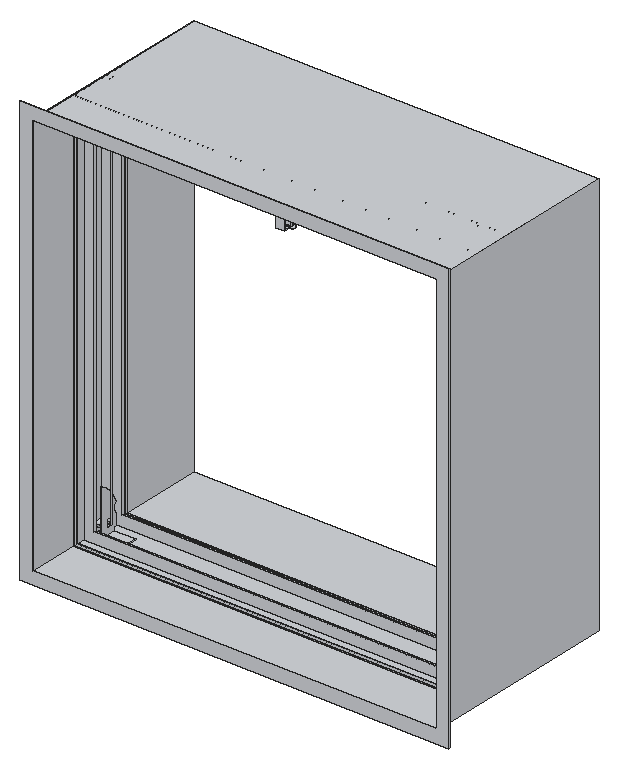
Revit family "FDD-SAVG", category Mechanical Equipment, Revit 2015
Parameters
  URL = "https://unitedenertech.com/catalog/pdf/A-22%20%20FDD-SAVG.pdf"
  Type Comments = "Max. Sizes are (Rectangular 72\"w x 36\"h) (Round 34\" Diameter)"
  Model = "FDD-SAVG"
  Manufacturer = "United Enertech Corporation"
  Keynote = "Rectangular Transition Shown, Consult Factory for Models with Round Transition Option"
  Exact Width = 2' - 0"
  Exact Height = 2' - 0"
  Description = "ertical Curtain Fire Damper for Behind Grille in Dynamic or Static Systems"
  Depth = 1' - 0"
Reference planes (in)
  plane 1 "Center (Front/Back)": y = 0
  plane 2: z = 0
  plane 3 "Center (Left/Right)": x = 0
  plane 4: z = 24
  plane 5: x = -12
  plane 6: x = 12
  plane 7: z = 12
  plane 8: x = -12.75
  plane 9: z = 24.75
  plane 10: z = -0.75
  plane 11: x = 12.75
  plane 12: x = -12.03
  plane 13: z = 24.03
  plane 14: x = 12.03
  plane 15: z = -0.03
  plane 16: y = 0.03
  plane 17: y = 3
  plane 18: y = 12
Forms (in)
  Extrusion 1, solid
    sketch origin (0, 0, 0) x (1, 0, 0) y (0, 0, 1)
      loop
        line (-12.75, 24.75) -> (-12.75, -0.75) -> (12.75, -0.75) -> (12.75, 24.75) -> (-12.75, 24.75)
      loop
        line (-12, 24) -> (-12, 0) -> (12, 0) -> (12, 24) -> (-12, 24)
    from 0 to -0.03
  Extrusion 2, solid
    sketch origin (0, 0, 0) x (1, 0, 0) y (0, 0, 1)
      loop
        line (-12.03, 24.03) -> (-12.03, -0.03) -> (12.03, -0.03) -> (12.03, 24.03) -> (-12.03, 24.03)
      loop
        line (-12, 24) -> (-12, 0) -> (12, 0) -> (12, 24) -> (-12, 24)
    from -12 to -0.03
Dimensions and locks (in)
  equal spacing: plane 4, plane 7, level
  "Exact Height": plane 4 to level
  equal spacing: plane 6, plane 3 "Center (Left/Right)", plane 5
  "Exact Width": plane 6 to plane 5
  locked: plane 9 to plane 4 at 0.75
  locked: plane 5 to plane 8 at 0.75
  locked: plane 11 to plane 6 at 0.75
  locked: level to plane 10 at 0.75
  locked: plane 12 to plane 5 at 0.03
  locked: plane 14 to plane 6 at 0.03
  locked: plane 13 to plane 4 at 0.03
  locked: level to plane 15 at 0.03
  locked: plane 16 to plane 1 "Center (Front/Back)" at 0.03
  locked: plane 17 to plane 1 "Center (Front/Back)" at 3
  "Depth": plane 18 to plane 1 "Center (Front/Back)"
  aligned and locked: level to plane 2
  aligned and locked: plane 8 to Extrusion 1 sketch curve
  aligned and locked: Extrusion 1 sketch curve to plane 9
  aligned and locked: plane 11 to Extrusion 1 sketch curve
  aligned and locked: Extrusion 1 sketch curve to plane 10
  aligned and locked: Extrusion 1 sketch curve to plane 6
  aligned and locked: level to Extrusion 1 sketch curve
  aligned and locked: plane 5 to Extrusion 1 sketch curve
  aligned and locked: Extrusion 1 sketch curve to plane 4
  aligned and locked: plane 1 "Center (Front/Back)" to Extrusion 1
  aligned and locked: plane 16 to Extrusion 1
  aligned and locked: Extrusion 2 sketch curve to plane 12
  aligned and locked: Extrusion 2 sketch curve to plane 15
  aligned and locked: Extrusion 2 sketch curve to plane 14
  aligned and locked: Extrusion 2 sketch curve to plane 13
  aligned and locked: Extrusion 2 sketch curve to plane 4
  aligned and locked: Extrusion 2 sketch curve to plane 6
  aligned and locked: level to Extrusion 2 sketch curve
  aligned and locked: plane 5 to Extrusion 2 sketch curve
  aligned and locked: Extrusion 2 to plane 16
  aligned and locked: plane 18 to Extrusion 2
  aligned and locked: plane 7 to nested 1
  aligned and locked: plane 3 "Center (Left/Right)" to nested 1
  aligned and locked: nested 1 to plane 17
Nested families (in)
  nested 1: "SAVG DAMP" at (0, 4.84375, 0), type "SAVG DAMP"
    with EFL Height 0' - 3 5/64", Blade Width 1' - 11 7/8", Blade Pair Number 6, Exact Width 2' - 0"
Definition of nested family "SAVG DAMP"
  Parameters (values of type "SAVG DAMP")
    URL = "http://unitedenertech.com/catalog/pdf/A-10%20%20FDD-ALB.pdf"
    Type Comments = "Max. Sizes are (Vertical 72\"w x 36\"h or 36\"w x 72\"h) (Horizontal 36\"w x 36\"h)"
    Model = "FDD-ALB"
    Manufacturer = "United Enertech Corporation"
    Keynote = ""
    Exact Width = 3' - 0"
    EFL Height [instance] = Blade Pair Number * 0' 0 13/32" + 0' 0 41/64"  # 0' - 3 5/64"
    Description = "Curtain Fire Damper for use in Static or Dynamic Systems"
    Damper Height = 2' - 0"
    Depth = 0' - 3 11/16"
    Blade Width [instance] = Exact Width - 0' 0 1/8"  # 2' - 11 7/8"
    Blade Pair Number [instance] = (Damper Height - 0' 0 9/128") / 0' 3 7/8"  # 6
  Reference planes (in)
    plane 1 "Center (Front/Back)": y = 0
    plane 2: z = 0
    plane 3 "Center (Left/Right)": x = 0
    plane 4: x = -18
    plane 5: x = 18
    plane 6: y = -1.84375
    plane 7: y = 1.84375
    plane 8: z = 24
    plane 9: x = -17.9641
    plane 10: x = 17.9641
    plane 11: z = 0.0359
    plane 12: z = 23.9641
    plane 13: y = 1.09375
    plane 14: y = -1.09375
    plane 15: y = -0.96875
    plane 16: y = 0.96875
    plane 17: z = 0.6609
    plane 18: x = -17.3391
    plane 19: x = 17.3391
    plane 20: z = 23.3391
    plane 21: x = -0.25
    plane 22: x = 0.25
    plane 23: z = 20.88598
    plane 24: z = 20.92188
    plane 25: z = 0.2234
    plane 26: z = 23.7766
    plane 27: x = 17.7766
    plane 28: x = -17.7766
    plane 29: y = 1.80785
    plane 30: y = -1.80785
    plane 31: z = 12
  Forms (in)
    Extrusion 1, solid
      sketch origin (0, 0, 0) x (1, 0, 0) y (0, 0, 1)
        loop
          line (-17.9641, 23.9641) -> (-17.9641, 0.0359) -> (17.9641, 0.0359) -> (17.9641, 23.9641) -> (-17.9641, 23.9641)
        loop
          line (-18, 24) -> (-18, 0) -> (18, 0) -> (18, 24) -> (-18, 24)
      from -1.84375 to 1.84375
    Extrusion 2, solid
      sketch origin (0, 0, 0) x (1, 0, 0) y (0, 0, 1)
        loop
          line (-17.3391, 23.3391) -> (-17.3391, 0.6609) -> (17.3391, 0.6609) -> (17.3391, 23.3391) -> (-17.3391, 23.3391)
        loop
          line (-17.9641, 23.9641) -> (-17.9641, 0.0359) -> (17.9641, 0.0359) -> (17.9641, 23.9641) -> (-17.9641, 23.9641)
      from 0.96875 to 1.09375
    Extrusion 3, solid
      sketch origin (0, 0, 0) x (1, 0, 0) y (0, 0, 1)
        loop
          line (-17.3391, 23.3391) -> (-17.3391, 0.6609) -> (17.3391, 0.6609) -> (17.3391, 23.3391) -> (-17.3391, 23.3391)
        loop
          line (-17.9641, 23.9641) -> (-17.9641, 0.0359) -> (17.9641, 0.0359) -> (17.9641, 23.9641) -> (-17.9641, 23.9641)
      from -1.09375 to -0.96875
    Extrusion 4, solid
      sketch origin (0, 0, 0) x (0, 1, 0) y (0, 0, 1)
        loop
          line (0.96875, 23.9641) -> (0.93285, 23.9641) -> (0.93285, 20.88598) -> (1.43285, 20.88598) -> (1.43285, 21.55473) -> (1.39695, 21.55473) -> (1.39695, 20.92188) -> (0.96875, 20.92188) -> (0.96875, 23.9641)
      from -0.25 to 0.25
    Extrusion 5, solid
      sketch origin (0, 0, 0) x (0, -1, 0) y (0, 0, -1)
        loop
          line (0.96875, -23.9641) -> (0.96875, -20.92188) -> (1.39695, -20.92188) -> (1.39695, -21.55473) -> (1.43285, -21.55473) -> (1.43285, -20.88598) -> (0.93285, -20.88598) -> (0.93285, -23.9641) -> (0.96875, -23.9641)
      from -0.25 to 0.25
    Extrusion 6, solid
      sketch origin (0, 0, 0) x (0, 1, 0) y (0, 0, 1)
        loop
          line (0.18683, 0.46965) -> (0.18683, 20.88598) -> (0.15093, 20.88598) -> (0.15093, 0.46965) -> (0.18683, 0.46965)
      from 17.3391 to 17.9641
    Extrusion 7, solid
      sketch origin (0, 0, 0) x (0, 1, 0) y (0, 0, 1)
        loop
          line (0.18683, 0.46965) -> (0.18683, 20.88598) -> (0.15093, 20.88598) -> (0.15093, 0.46965) -> (0.18683, 0.46965)
      from -17.3391 to -17.9641
    Extrusion 8, solid
      sketch origin (0, 0, 0) x (0, 1, 0) y (0, 0, 1)
        loop
          arc (0.18683, 20.88598) -> (0.08831, 21.27851) -> (-0.15941, 21.59854) r 0.98736
          line (-0.15941, 21.59854) -> (-0.18442, 21.57353)
          arc (-0.18442, 21.57353) -> (0.05139, 21.26299) -> (0.15093, 20.88598) r 1.00288
          line (0.15093, 20.88598) -> (0.18683, 20.88598)
      from 17.3391 to 17.9641
    Extrusion 9, solid
      sketch origin (0, 0, 0) x (0, 1, 0) y (0, 0, 1)
        loop
          arc (0.18683, 20.88598) -> (0.08831, 21.27851) -> (-0.15941, 21.59854) r 0.98736
          line (-0.15941, 21.59854) -> (-0.18442, 21.57353)
          arc (-0.18442, 21.57353) -> (0.05139, 21.26299) -> (0.15093, 20.88598) r 1.00288
          line (0.15093, 20.88598) -> (0.18683, 20.88598)
      from -17.9641 to -17.3391
    Extrusion 10, solid
      sketch origin (0, 0, 0) x (1, 0, 0) y (0, 0, 1)
        loop
          line (-17.7766, 23.7766) -> (-17.7766, 0.2234) -> (17.7766, 0.2234) -> (17.7766, 23.7766) -> (-17.7766, 23.7766)
        loop
          line (-17.9641, 0.0359) -> (17.9641, 0.0359) -> (17.9641, 23.9641) -> (-17.9641, 23.9641) -> (-17.9641, 0.0359)
      from -1.84375 to -1.80785
    Extrusion 11, solid
      sketch origin (0, 0, 0) x (1, 0, 0) y (0, 0, 1)
        loop
          line (-17.7766, 23.7766) -> (-17.7766, 0.2234) -> (17.7766, 0.2234) -> (17.7766, 23.7766) -> (-17.7766, 23.7766)
        loop
          line (-17.9641, 0.0359) -> (17.9641, 0.0359) -> (17.9641, 23.9641) -> (-17.9641, 23.9641) -> (-17.9641, 0.0359)
      from 1.80785 to 1.84375
  Dimensions and locks (in)
    equal spacing: plane 4, plane 3 "Center (Left/Right)", plane 5
    "Exact Width": plane 4 to plane 5
    equal spacing: plane 7, plane 1 "Center (Front/Back)", plane 6
    "Depth": plane 7 to plane 6
    "Damper Height": plane 8 to level
    locked: plane 9 to plane 4 at 0.0359
    locked: plane 5 to plane 10 at 0.0359
    locked: plane 8 to plane 12 at 0.0359
    locked: plane 11 to level at 0.0359
    locked: plane 13 to plane 14 at 2.1875
    locked: plane 15 to plane 14 at 0.125
    locked: plane 13 to plane 16 at 0.125
    locked: plane 18 to plane 9 at 0.625
    locked: plane 10 to plane 19 at 0.625
    locked: plane 17 to plane 11 at 0.625
    locked: plane 12 to plane 20 at 0.625
    equal spacing: group 1, group 2, group 3, group 4, group 5, group 6  (x2)
    equal spacing: group 6, group 5, group 4, group 3, group 2, group 1
    locked: nested 1 to nested 2 at 0.40625
    "EFL Height": plane 12 to plane 23
    locked: plane 24 to plane 23 at 0.0359
    locked: plane 25 to level at 0.2234
    locked: plane 8 to plane 26 at 0.2234
    locked: plane 4 to plane 28 at 0.2234
    locked: plane 5 to plane 27 at 0.2234
    locked: plane 7 to plane 29 at 0.0359
    locked: plane 30 to plane 6 at 0.0359
    equal spacing: plane 8, plane 31, level
    aligned and locked: level to plane 2
    aligned and locked: level to Extrusion 1 sketch curve
    aligned and locked: Extrusion 1 sketch curve to plane 4
    aligned and locked: Extrusion 1 sketch curve to plane 5
    aligned and locked: Extrusion 1 sketch curve to plane 8
    aligned and locked: Extrusion 1 sketch curve to plane 12
    aligned and locked: plane 10 to Extrusion 1 sketch curve
    aligned and locked: plane 11 to Extrusion 1 sketch curve
    aligned and locked: plane 9 to Extrusion 1 sketch curve
    aligned and locked: plane 7 to Extrusion 1
    aligned and locked: Extrusion 1 to plane 6
    aligned and locked: plane 11 to Extrusion 2 sketch curve
    aligned and locked: plane 9 to Extrusion 2 sketch curve
    aligned and locked: plane 10 to Extrusion 2 sketch curve
    aligned and locked: Extrusion 2 sketch curve to plane 12
    aligned and locked: Extrusion 2 sketch curve to plane 20
    aligned and locked: Extrusion 2 sketch curve to plane 19
    aligned and locked: plane 17 to Extrusion 2 sketch curve
    aligned and locked: Extrusion 2 sketch curve to plane 18
    aligned and locked: plane 13 to Extrusion 3
    aligned and locked: Extrusion 3 to plane 16
    aligned and locked: plane 15 to Extrusion 2
    aligned and locked: Extrusion 2 to plane 14
    aligned and locked: plane 3 "Center (Left/Right)" to nested 1
    aligned and locked: plane 12 to nested 1
    aligned and locked: plane 21 to Extrusion 5
    aligned and locked: plane 21 to Extrusion 4
    aligned and locked: plane 22 to Extrusion 5
    aligned and locked: plane 22 to Extrusion 4
    aligned and locked: Extrusion 5 sketch curve to plane 23
    aligned and locked: plane 23 to Extrusion 4 sketch curve
    aligned and locked: plane 24 to Extrusion 4 sketch curve
    aligned and locked: Extrusion 5 sketch curve to plane 24
    aligned and locked: nested 4 to plane 24
    aligned and locked: nested 6 to plane 9
    aligned and locked: plane 10 to nested 7
    aligned and locked: Extrusion 6 sketch curve to plane 23
    aligned and locked: Extrusion 7 to plane 9
    aligned and locked: Extrusion 7 to plane 18
    aligned and locked: Extrusion 6 to plane 19
    aligned and locked: Extrusion 6 to plane 10
    aligned and locked: Extrusion 8 sketch curve to plane 23
    aligned and locked: Extrusion 9 to plane 9
    aligned and locked: Extrusion 9 to plane 18
    aligned and locked: plane 10 to Extrusion 8
    aligned and locked: Extrusion 8 to plane 19
    aligned and locked: Extrusion 10 sketch curve to plane 11
    aligned and locked: Extrusion 10 sketch curve to plane 10
    aligned and locked: Extrusion 10 sketch curve to plane 9
    aligned and locked: plane 12 to Extrusion 10 sketch curve
    aligned and locked: plane 26 to Extrusion 10 sketch curve
    aligned and locked: Extrusion 10 sketch curve to plane 28
    aligned and locked: Extrusion 10 sketch curve to plane 25
    aligned and locked: Extrusion 10 sketch curve to plane 27
    aligned and locked: plane 7 to Extrusion 10
    aligned and locked: Extrusion 10 to plane 29
    aligned and locked: Extrusion 11 to plane 30
    aligned and locked: Extrusion 11 to plane 6
  Automatic sketch dimensions
    Extrusion 3 sketch curve to plane 9 = 0' - 0"
    Extrusion 3 sketch curve to plane 17 = 0' - 0"
    plane 18 to Extrusion 3 sketch curve = 0' - 0"
    Extrusion 3 sketch curve to plane 19 = 0' - 0"
    plane 10 to Extrusion 3 sketch curve = 0' - 0"
    Extrusion 3 sketch curve to plane 11 = 0' - 0"
    Extrusion 3 sketch curve to plane 20 = 0' - 0"
    Extrusion 3 sketch curve to plane 12 = 0' - 0"
    Extrusion 4 sketch curve to plane 12 = 0' - 0"
    Extrusion 4 sketch curve to plane 16 = 0' - 0"
    Extrusion 4 sketch curve to plane 16 = 0' - 0.0359"
    plane 13 to Extrusion 4 sketch curve = 0' - 0.3032"
    Extrusion 4 sketch curve to Extrusion 4 sketch curve = 0' - 0.0359"
    plane 24 to Extrusion 4 sketch curve = 0' - 0.63285"
    Extrusion 5 sketch curve to plane 12 = 0' - 0"
    Extrusion 5 sketch curve to plane 15 = 0' - 0"
    Extrusion 5 sketch curve to plane 15 = 0' - 0.0359"
    plane 14 to Extrusion 5 sketch curve = 0' - 0.3032"
    Extrusion 5 sketch curve to Extrusion 5 sketch curve = 0' - 0.0359"
    Extrusion 5 sketch curve to plane 24 = 0' - 0.63285"
    Extrusion 6 sketch curve to plane 1 "Center (Front/Back)" = 0' - 0.15093"
    Extrusion 6 sketch curve to Extrusion 6 sketch curve = 0' - 0.0359"
    Extrusion 6 sketch curve to plane 17 = 0' - 0.19125"
    Extrusion 7 sketch curve to plane 23 = 0' - 0"
    Extrusion 7 sketch curve to plane 1 "Center (Front/Back)" = 0' - 0.15093"
    Extrusion 7 sketch curve to Extrusion 7 sketch curve = 0' - 0.0359"
    Extrusion 7 sketch curve to plane 17 = 0' - 0.19125"
    plane 15 to Extrusion 8 sketch curve = 0' - 0.11876"
    Extrusion 8 sketch curve to Extrusion 8 sketch curve = 0' - 0.05023"
    plane 1 "Center (Front/Back)" to Extrusion 8 sketch curve = 0' - 0.18442"
    Extrusion 8 sketch curve to Extrusion 8 sketch curve = 0' - 0.02501"
    Extrusion 8 sketch curve to plane 1 "Center (Front/Back)" = 0' - 0.15093"
    Extrusion 8 sketch curve to Extrusion 8 sketch curve = 0' - 0.0359"
    Extrusion 8 sketch curve to plane 23 = 0' - 0.03898"
    Extrusion 8 sketch curve to Extrusion 8 sketch curve = 0' - 0.02364"
    Extrusion 9 sketch curve to plane 23 = 0' - 0"
    plane 15 to Extrusion 9 sketch curve = 0' - 0.11876"
    Extrusion 9 sketch curve to Extrusion 9 sketch curve = 0' - 0.05023"
    plane 1 "Center (Front/Back)" to Extrusion 9 sketch curve = 0' - 0.18442"
    Extrusion 9 sketch curve to Extrusion 9 sketch curve = 0' - 0.02501"
    Extrusion 9 sketch curve to plane 1 "Center (Front/Back)" = 0' - 0.15093"
    Extrusion 9 sketch curve to Extrusion 9 sketch curve = 0' - 0.0359"
    Extrusion 9 sketch curve to plane 23 = 0' - 0.03898"
    Extrusion 9 sketch curve to Extrusion 9 sketch curve = 0' - 0.02364"
    Extrusion 11 sketch curve to plane 9 = 0' - 0"
    Extrusion 11 sketch curve to plane 25 = 0' - 0"
    plane 28 to Extrusion 11 sketch curve = 0' - 0"
    Extrusion 11 sketch curve to plane 26 = 0' - 0"
    Extrusion 11 sketch curve to plane 27 = 0' - 0"
    plane 10 to Extrusion 11 sketch curve = 0' - 0"
    Extrusion 11 sketch curve to plane 11 = 0' - 0"
    Extrusion 11 sketch curve to plane 12 = 0' - 0"
  Nested families (in)
    nested 1: "FD-SALB BLADESEDITED" at (0, 1.17008, 23.12138), type "FD-SALB BLADESEDITED"
      with Blade Width 2' - 11 7/8"
    nested 2: "FD-SALB BLADESEDITED" at (0, 1.17008, 22.71513), type "FD-SALB BLADESEDITED"
      with Blade Width 2' - 11 7/8"
    nested 3: "FD-SALB BLADESEDITED" at (0, 1.17008, 22.30888), type "FD-SALB BLADESEDITED"
      with Blade Width 2' - 11 7/8"
    nested 4: "EFL" at (4.62017, 3.54736, 20.92188), type "EFL"
    nested 5: "FD-SALB BLADESEDITED" at (0, 1.17008, 21.90263), type "FD-SALB BLADESEDITED"
      with Blade Width 2' - 11 7/8"
    nested 6: "Fire Damper Spring" at (-17.41019, -4.48368, -2.82915) x (0, 1, 0) z (0, 0, 1), type "Fire Damper Spring"
    nested 7: "Fire Damper Spring" at (17.41019, -4.48368, -2.82915) x (0, 1, 0) z (0, 0, 1), type "Fire Damper Spring"
    nested 8: "FD-SALB BLADESEDITED" at (0, 1.17008, 21.49638), type "FD-SALB BLADESEDITED"
      with Blade Width 2' - 11 7/8"
    nested 9: "FD-SALB BLADESEDITED" at (0, 1.17008, 21.09013), type "FD-SALB BLADESEDITED"
      with Blade Width 2' - 11 7/8"
  Definition of nested family "FD-SALB BLADESEDITED"
    Parameters (values of type "FD-SALB BLADESEDITED")
      Blade Width = 1' - 11 7/8"
    Reference planes (in)
      plane 1 "Center (Front/Back)": y = 0
      plane 2: z = 0
      plane 3 "Center (Left/Right)": x = 0
      plane 4: x = -11.9375
      plane 5: x = 11.9375
    Forms (in)
      Extrusion 1, solid
        sketch origin (0, 0, 0) x (0, 1, 0) y (0, 0, 1)
          loop
            line (-0.31672, 0.53073) -> (-0.3446, 0.62657)
            arc (-0.3446, 0.62657) -> (-0.33726, 0.6415) -> (-0.32269, 0.63348) r 0.0115
            line (-0.32269, 0.63348) -> (-0.30545, 0.53536)
            arc (-0.30545, 0.53536) -> (-0.31611, 0.49773) -> (-0.35217, 0.48264) r 0.045
            line (-0.35217, 0.48264) -> (-0.39872, 0.48554)
            arc (-0.39872, 0.48554) -> (-0.42675, 0.49692) -> (-0.44125, 0.52348) r 0.045
            line (-0.44125, 0.52348) -> (-0.47071, 0.66865)
            arc (-0.47071, 0.66865) -> (-0.48965, 0.70349) -> (-0.5262, 0.7189) r 0.06
            line (-0.5262, 0.7189) -> (-1.55698, 0.78305) -> (-1.76244, 0.79584)
            arc (-1.76244, 0.79584) -> (-1.79846, 0.78683) -> (-1.82228, 0.75836) r 0.06
            line (-1.82228, 0.75836) -> (-1.88016, 0.61423)
            arc (-1.88016, 0.61423) -> (-1.90974, 0.57877) -> (-1.95445, 0.56733) r 0.075
            arc (-1.95445, 0.56733) -> (-2.03902, 0.60869) -> (-2.06957, 0.69773) r 0.123
            line (-2.06957, 0.69773) -> (-2.06418, 0.78456)
            arc (-2.06418, 0.78456) -> (-2.05371, 0.80551) -> (-2.03138, 0.81256) r 0.03
            line (-2.03138, 0.81256) -> (-1.90763, 0.80489) -> (-1.90763, 0.8362) -> (-2.01284, 0.84272) -> (-2.04641, 0.84272)
            arc (-2.04641, 0.84272) -> (-2.08042, 0.82292) -> (-2.09536, 0.7865) r 0.06125
            line (-2.09536, 0.7865) -> (-2.10077, 0.69966)
            arc (-2.10077, 0.69966) -> (-2.06244, 0.58801) -> (-1.95639, 0.53614) r 0.15425
            arc (-1.95639, 0.53614) -> (-1.89306, 0.55235) -> (-1.8512, 0.60257) r 0.10625
            line (-1.8512, 0.60257) -> (-1.7933, 0.74674)
            arc (-1.7933, 0.74674) -> (-1.78183, 0.76038) -> (-1.76452, 0.76466) r 0.02875
            line (-1.76452, 0.76466) -> (-1.55892, 0.75186) -> (-0.52813, 0.68773)
            arc (-0.52813, 0.68773) -> (-0.51045, 0.68016) -> (-0.50148, 0.66314) r 0.02875
            line (-0.50148, 0.66314) -> (-0.47199, 0.51784)
            arc (-0.47199, 0.51784) -> (-0.4474, 0.47346) -> (-0.4004, 0.45434) r 0.07625
            line (-0.4004, 0.45434) -> (-0.35398, 0.45144)
            arc (-0.35398, 0.45144) -> (-0.29278, 0.47694) -> (-0.27468, 0.54073) r 0.07625
            line (-0.27468, 0.54073) -> (-0.29191, 0.63889)
            arc (-0.29191, 0.63889) -> (-0.33988, 0.67434) -> (-0.37768, 0.6282) r 0.04327
            line (-0.37768, 0.6282) -> (-0.34677, 0.52199) -> (-0.31672, 0.53073)
        from -11.9375 to 11.9375
      Extrusion 2, solid
        sketch origin (0, 0, 0) x (0, 1, 0) y (0, 0, 1)
          loop
            arc (-0.31635, 0.67497) -> (-0.29361, 0.66856) -> (-0.28256, 0.64768) r 0.03
            line (-0.28256, 0.64768) -> (-0.2714, 0.56286)
            arc (-0.2714, 0.56286) -> (-0.29582, 0.47194) -> (-0.37737, 0.42491) r 0.123
            arc (-0.37737, 0.42491) -> (-0.42275, 0.43328) -> (-0.45469, 0.46664) r 0.075
            line (-0.45469, 0.46664) -> (-0.52225, 0.60648)
            arc (-0.52225, 0.60648) -> (-0.54755, 0.63305) -> (-0.58358, 0.63992) r 0.06
            line (-0.58358, 0.63992) -> (-0.78858, 0.61304) -> (-1.81262, 0.47877)
            arc (-1.81262, 0.47877) -> (-1.84723, 0.46173) -> (-1.86432, 0.42714) r 0.06
            line (-1.86432, 0.42714) -> (-1.88437, 0.27537)
            arc (-1.88437, 0.27537) -> (-1.89734, 0.2499) -> (-1.92301, 0.23735) r 0.045
            line (-1.92301, 0.23735) -> (-1.96868, 0.2314)
            arc (-1.96868, 0.2314) -> (-2.00696, 0.24361) -> (-2.02023, 0.28153) r 0.045
            line (-2.02023, 0.28153) -> (-2.00995, 0.379)
            arc (-2.00995, 0.379) -> (-1.99657, 0.38882) -> (-1.98728, 0.37505) r 0.0115
            line (-1.98728, 0.37505) -> (-2.00879, 0.27676) -> (-1.97772, 0.26996) -> (-1.95543, 0.37179)
            arc (-1.95543, 0.37179) -> (-1.99381, 0.41919) -> (-2.04121, 0.38081) r 0.04313
            line (-2.04121, 0.38081) -> (-2.05127, 0.28509)
            arc (-2.05127, 0.28509) -> (-2.02877, 0.22122) -> (-1.96431, 0.20045) r 0.07625
            line (-1.96431, 0.20045) -> (-1.91897, 0.20638)
            arc (-1.91897, 0.20638) -> (-1.87533, 0.22771) -> (-1.85342, 0.27106) r 0.07625
            line (-1.85342, 0.27106) -> (-1.83333, 0.42305)
            arc (-1.83333, 0.42305) -> (-1.82514, 0.43962) -> (-1.80853, 0.44779) r 0.02875
            line (-1.80853, 0.44779) -> (-0.78452, 0.58205) -> (-0.57967, 0.60892)
            arc (-0.57967, 0.60892) -> (-0.56246, 0.60559) -> (-0.55039, 0.5929) r 0.02875
            line (-0.55039, 0.5929) -> (-0.48278, 0.45303)
            arc (-0.48278, 0.45303) -> (-0.4376, 0.40578) -> (-0.37331, 0.39393) r 0.10625
            arc (-0.37331, 0.39393) -> (-0.27103, 0.4529) -> (-0.24041, 0.56695) r 0.15425
            line (-0.24041, 0.56695) -> (-0.2515, 0.65113)
            arc (-0.2515, 0.65113) -> (-0.27433, 0.69316) -> (-0.32041, 0.70596) r 0.06125
            line (-0.32041, 0.70596) -> (-0.44437, 0.68971) -> (-0.44031, 0.65872) -> (-0.31635, 0.67497)
        from -11.9375 to 11.9375
    Dimensions and locks (in)
      equal spacing: plane 4, plane 3 "Center (Left/Right)", plane 5
      "Blade Width": plane 4 to plane 5
      aligned and locked: level to plane 2
      aligned and locked: plane 4 to Extrusion 1
      aligned and locked: plane 4 to Extrusion 2
      aligned and locked: plane 5 to Extrusion 1
      aligned and locked: plane 5 to Extrusion 2
    Automatic sketch dimensions
      Extrusion 2 sketch curve to Extrusion 2 sketch curve = 0' - 0"  (x35)
      level to Extrusion 2 sketch curve = 0' - 0.28509"
      plane 1 "Center (Front/Back)" to Extrusion 2 sketch curve = 0' - 2.05127"
      level to Extrusion 2 sketch curve = 0' - 0.38081"
      Extrusion 2 sketch curve to Extrusion 2 sketch curve = 0' - 0.01006"
      level to Extrusion 2 sketch curve = 0' - 0.28153"
      Extrusion 2 sketch curve to Extrusion 2 sketch curve = 0' - 0.03105"
      level to Extrusion 2 sketch curve = 0' - 0.27676"
      Extrusion 2 sketch curve to Extrusion 2 sketch curve = 0' - 0.01143"  (x2)
      Extrusion 2 sketch curve to Extrusion 2 sketch curve = 0' - 0.04266"
      Extrusion 2 sketch curve to Extrusion 2 sketch curve = 0' - 0.00023"
      level to Extrusion 2 sketch curve = 0' - 0.26996"
      Extrusion 2 sketch curve to Extrusion 2 sketch curve = 0' - 0.03107"
      Extrusion 2 sketch curve to Extrusion 2 sketch curve = 0' - 0.00213"
      level to Extrusion 2 sketch curve = 0' - 0.2314"
      Extrusion 2 sketch curve to Extrusion 2 sketch curve = 0' - 0.00904"
      level to Extrusion 2 sketch curve = 0' - 0.20045"
      level to Extrusion 2 sketch curve = 0' - 0.37179"
      Extrusion 2 sketch curve to Extrusion 2 sketch curve = 0' - 0.0467"
      level to Extrusion 2 sketch curve = 0' - 0.27537"
      Extrusion 2 sketch curve to Extrusion 2 sketch curve = 0' - 0.04451"
      level to Extrusion 2 sketch curve = 0' - 0.27106"
      Extrusion 2 sketch curve to Extrusion 2 sketch curve = 0' - 0.03095"
      Extrusion 2 sketch curve to Extrusion 2 sketch curve = 0' - 0.0486"
      plane 1 "Center (Front/Back)" to Extrusion 2 sketch curve = 0' - 0.78452"
      Extrusion 2 sketch curve to Extrusion 2 sketch curve = 0' - 0.20094"
      Extrusion 2 sketch curve to Extrusion 2 sketch curve = 0' - 0 1/256"  (x2)
      Extrusion 2 sketch curve to Extrusion 2 sketch curve = 0' - 0.0034"
      Extrusion 2 sketch curve to Extrusion 2 sketch curve = 0' - 0.13921"
      Extrusion 2 sketch curve to Extrusion 2 sketch curve = 0' - 0.00406"  (x3)
      Extrusion 2 sketch curve to Extrusion 2 sketch curve = 0' - 0.04695"
      Extrusion 2 sketch curve to Extrusion 2 sketch curve = 0' - 0.00624"
      Extrusion 2 sketch curve to Extrusion 2 sketch curve = 0' - 0.0809"
      Extrusion 2 sketch curve to Extrusion 2 sketch curve = 0' - 0.0299"
      Extrusion 2 sketch curve to Extrusion 2 sketch curve = 0' - 0.03106"
      Extrusion 2 sketch curve to Extrusion 2 sketch curve = 0' - 0.00661"
      Extrusion 2 sketch curve to Extrusion 2 sketch curve = 0' - 0.00119"
      Extrusion 2 sketch curve to Extrusion 2 sketch curve = 0' - 0.14822"
      level to Extrusion 2 sketch curve = 0' - 0.49927"
      Extrusion 2 sketch curve to Extrusion 2 sketch curve = 0' - 0.04759"
      Extrusion 2 sketch curve to Extrusion 2 sketch curve = 0' - 0.0335"
      Extrusion 2 sketch curve to Extrusion 2 sketch curve = 0' - 0.00168"
      Extrusion 2 sketch curve to Extrusion 2 sketch curve = 0' - 0.02855"
      Extrusion 2 sketch curve to Extrusion 2 sketch curve = 0' - 0.031"
      Extrusion 2 sketch curve to Extrusion 2 sketch curve = 0' - 0.09835"
      Extrusion 2 sketch curve to Extrusion 2 sketch curve = 0' - 0.00246"
      Extrusion 2 sketch curve to Extrusion 2 sketch curve = 0' - 0.00345"
      Extrusion 2 sketch curve to Extrusion 2 sketch curve = 0' - 0.11186"
      Extrusion 2 sketch curve to Extrusion 2 sketch curve = 0' - 0.03098"  (x3)
      level to Extrusion 2 sketch curve = 0' - 0.37898"
      Extrusion 2 sketch curve to Extrusion 2 sketch curve = 0' - 0.00003"  (x4)
      Extrusion 2 sketch curve to Extrusion 2 sketch curve = 0' - 0.01101"
      level to Extrusion 2 sketch curve = 0' - 0.37505"
      Extrusion 2 sketch curve to Extrusion 2 sketch curve = 0' - 0.00585"
      level to Extrusion 2 sketch curve = 0' - 0.23735"
      Extrusion 2 sketch curve to Extrusion 2 sketch curve = 0' - 0.00404"
      level to Extrusion 2 sketch curve = 0' - 0.20636"
      level to Extrusion 2 sketch curve = 0' - 0.42714"
      Extrusion 2 sketch curve to Extrusion 2 sketch curve = 0' - 0.0595"
      level to Extrusion 2 sketch curve = 0' - 0.42305"
      Extrusion 2 sketch curve to Extrusion 2 sketch curve = 0' - 0.02852"
      Extrusion 2 sketch curve to Extrusion 2 sketch curve = 0' - 0.0207"
      level to Extrusion 2 sketch curve = 0' - 0.47878"
      Extrusion 2 sketch curve to Extrusion 2 sketch curve = 0' - 0.00374"
      level to Extrusion 2 sketch curve = 0' - 0.44779"
      Extrusion 2 sketch curve to Extrusion 2 sketch curve = 0' - 0.02588"
      Extrusion 2 sketch curve to Extrusion 2 sketch curve = 0' - 0.02814"
      Extrusion 2 sketch curve to Extrusion 2 sketch curve = 0' - 0.0957"
      Extrusion 2 sketch curve to Extrusion 2 sketch curve = 0' - 0.00004"  (x2)
      Extrusion 2 sketch curve to Extrusion 2 sketch curve = 0' - 0.02809"
      Extrusion 2 sketch curve to Extrusion 2 sketch curve = 0' - 0.00975"
      Extrusion 2 sketch curve to Extrusion 2 sketch curve = 0' - 0.00796"
      Extrusion 2 sketch curve to Extrusion 2 sketch curve = 0' - 0.01116"
      Extrusion 2 sketch curve to Extrusion 2 sketch curve = 0' - 0.00002"
      Extrusion 1 sketch curve to Extrusion 1 sketch curve = 0' - 0"  (x30)
      level to Extrusion 1 sketch curve = 0' - 0.7827"
      plane 1 "Center (Front/Back)" to Extrusion 1 sketch curve = 0' - 2.03423"
      Extrusion 1 sketch curve to Extrusion 1 sketch curve = 0' - 0.00284"
      Extrusion 1 sketch curve to Extrusion 1 sketch curve = 0' - 0.01854"
      Extrusion 1 sketch curve to Extrusion 1 sketch curve = 0' - 0.08443"
      Extrusion 1 sketch curve to Extrusion 1 sketch curve = 0' - 0.00298"
      Extrusion 1 sketch curve to Extrusion 1 sketch curve = 0' - 0.03918"
      Extrusion 1 sketch curve to Extrusion 1 sketch curve = 0' - 0.14102"
      level to Extrusion 1 sketch curve = 0' - 0.76466"
      Extrusion 1 sketch curve to Extrusion 1 sketch curve = 0' - 0.00209"
      level to Extrusion 1 sketch curve = 0' - 0.79584"
      Extrusion 1 sketch curve to Extrusion 1 sketch curve = 0' - 0.00208"  (x2)
      level to Extrusion 1 sketch curve = 0' - 0.75186"
      Extrusion 1 sketch curve to Extrusion 1 sketch curve = 0' - 0.2056"
      Extrusion 1 sketch curve to Extrusion 1 sketch curve = 0' - 0.00194"  (x2)
      plane 1 "Center (Front/Back)" to Extrusion 1 sketch curve = 0' - 0.52993"
      Extrusion 1 sketch curve to Extrusion 1 sketch curve = 0' - 0.02845"
      Extrusion 1 sketch curve to Extrusion 1 sketch curve = 0' - 0.02949"
      Extrusion 1 sketch curve to Extrusion 1 sketch curve = 0' - 0.03077"  (x2)
      Extrusion 1 sketch curve to Extrusion 1 sketch curve = 0' - 0.03074"
      Extrusion 1 sketch curve to Extrusion 1 sketch curve = 0' - 0.04085"
      Extrusion 1 sketch curve to Extrusion 1 sketch curve = 0' - 0.00168"
      Extrusion 1 sketch curve to Extrusion 1 sketch curve = 0' - 0.04445"
      Extrusion 1 sketch curve to Extrusion 1 sketch curve = 0' - 0.01912"
      Extrusion 1 sketch curve to Extrusion 1 sketch curve = 0' - 0.04641"
      Extrusion 1 sketch curve to Extrusion 1 sketch curve = 0' - 0.00182"
      Extrusion 1 sketch curve to Extrusion 1 sketch curve = 0' - 0.00238"
      Extrusion 1 sketch curve to Extrusion 1 sketch curve = 0' - 0.00302"
      Extrusion 1 sketch curve to Extrusion 1 sketch curve = 0' - 0.03307"
      Extrusion 1 sketch curve to Extrusion 1 sketch curve = 0' - 0.01008"
      Extrusion 1 sketch curve to Extrusion 1 sketch curve = 0' - 0.00072"
      Extrusion 1 sketch curve to Extrusion 1 sketch curve = 0' - 0.01112"
      Extrusion 1 sketch curve to Extrusion 1 sketch curve = 0' - 0.03006"
      Extrusion 1 sketch curve to Extrusion 1 sketch curve = 0' - 0.03078"
      Extrusion 1 sketch curve to Extrusion 1 sketch curve = 0' - 0.02867"
      Extrusion 1 sketch curve to Extrusion 1 sketch curve = 0' - 0.09261"
      level to Extrusion 1 sketch curve = 0' - 0.66865"
      Extrusion 1 sketch curve to Extrusion 1 sketch curve = 0' - 0.00551"
      Extrusion 1 sketch curve to Extrusion 1 sketch curve = 0' - 0.00412"
      Extrusion 1 sketch curve to Extrusion 1 sketch curve = 0' - 0.04791"
      Extrusion 1 sketch curve to Extrusion 1 sketch curve = 0' - 0.02976"
      Extrusion 1 sketch curve to Extrusion 1 sketch curve = 0' - 0.00541"
      Extrusion 1 sketch curve to Extrusion 1 sketch curve = 0' - 0.00087"
      Extrusion 1 sketch curve to Extrusion 1 sketch curve = 0' - 0.00852"
      Extrusion 1 sketch curve to Extrusion 1 sketch curve = 0' - 0.00559"
      Extrusion 1 sketch curve to Extrusion 1 sketch curve = 0' - 0.00702"
      Extrusion 1 sketch curve to Extrusion 1 sketch curve = 0' - 0.00564"
      Extrusion 1 sketch curve to Extrusion 1 sketch curve = 0' - 0.03935"
      Extrusion 1 sketch curve to Extrusion 1 sketch curve = 0' - 0.0312"
      Extrusion 1 sketch curve to Extrusion 1 sketch curve = 0' - 0.03119"
      Extrusion 1 sketch curve to Extrusion 1 sketch curve = 0' - 0.1148"
      Extrusion 1 sketch curve to Extrusion 1 sketch curve = 0' - 0.03131"
      Extrusion 1 sketch curve to Extrusion 1 sketch curve = 0' - 0.02994"
      level to Extrusion 1 sketch curve = 0' - 0.78456"
      Extrusion 1 sketch curve to Extrusion 1 sketch curve = 0' - 0.00539"
      level to Extrusion 1 sketch curve = 0' - 0.69772"
      Extrusion 1 sketch curve to Extrusion 1 sketch curve = 0' - 0.03117"
      Extrusion 1 sketch curve to Extrusion 1 sketch curve = 0' - 0.03118"
      level to Extrusion 1 sketch curve = 0' - 0.69966"
      Extrusion 1 sketch curve to Extrusion 1 sketch curve = 0' - 0.03357"
      Extrusion 1 sketch curve to Extrusion 1 sketch curve = 0' - 0.0066"
      Extrusion 1 sketch curve to Extrusion 1 sketch curve = 0' - 0.06959"
      level to Extrusion 1 sketch curve = 0' - 0.61423"
      Extrusion 1 sketch curve to Extrusion 1 sketch curve = 0' - 0.00004"  (x2)
      Extrusion 1 sketch curve to Extrusion 1 sketch curve = 0' - 0.02896"
      level to Extrusion 1 sketch curve = 0' - 0.60259"
      level to Extrusion 1 sketch curve = 0' - 0.75838"
      Extrusion 1 sketch curve to Extrusion 1 sketch curve = 0' - 0.05778"
      level to Extrusion 1 sketch curve = 0' - 0.74674"
      Extrusion 1 sketch curve to Extrusion 1 sketch curve = 0' - 0.02669"
      Extrusion 1 sketch curve to Extrusion 1 sketch curve = 0' - 0.00179"
      Extrusion 1 sketch curve to Extrusion 1 sketch curve = 0' - 0.00193"
      Extrusion 1 sketch curve to Extrusion 1 sketch curve = 0' - 0.01125"
      Extrusion 1 sketch curve to Extrusion 1 sketch curve = 0' - 0.00003"
      Extrusion 1 sketch curve to Extrusion 1 sketch curve = 0' - 0.05622"
      Extrusion 1 sketch curve to Extrusion 1 sketch curve = 0' - 0.03016"
  Definition of nested family "EFL"
    Reference planes (in)
      plane 1 "Center (Front/Back)": y = 0
      plane 2: z = 0
      plane 3 "Center (Left/Right)": x = 0
    Forms (in)
      Extrusion 1, solid
        sketch origin (0, 0, 0) x (1, 0, 0) y (0, 1, 0)
          loop
            arc (-4.87017, -4.05324) -> (-4.81525, -4.18582) -> (-4.68267, -4.24074) r 0.1875
            line (-4.68267, -4.24074) -> (-4.55767, -4.24074)
            arc (-4.55767, -4.24074) -> (-4.42508, -4.18582) -> (-4.37017, -4.05324) r 0.1875
            line (-4.37017, -4.05324) -> (-4.37017, -3.41574) -> (-4.87017, -3.41574) -> (-4.87017, -4.05324)
          loop
            circle (-4.62017, -4.05324) r 0.0625
        from 0.1 to 0.05
      Extrusion 2, solid
        sketch origin (-9.24033, -7.08147, 0) x (-1, 0, 0) y (0, -1, 0)
          loop
            arc (-4.87017, -4.05324) -> (-4.81525, -4.18582) -> (-4.68267, -4.24074) r 0.1875
            line (-4.68267, -4.24074) -> (-4.55767, -4.24074)
            arc (-4.55767, -4.24074) -> (-4.42508, -4.18582) -> (-4.37017, -4.05324) r 0.1875
            line (-4.37017, -4.05324) -> (-4.37017, -3.41574) -> (-4.87017, -3.41574) -> (-4.87017, -4.05324)
          loop
            circle (-4.62017, -4.05324) r 0.0625
        from 0 to 0.05
      Sweep 3, solid
        path in 3D
          loop
            line (-4.62017, -4.16421, 0) -> (-4.62017, -4.22608, 0)
            arc (-4.62017, -4.22608, 0) -> (-4.65678, -4.31447, 0) -> (-4.74517, -4.35108, 0) r 0.125
            line (-4.74517, -4.35108, 0) -> (-4.92568, -4.35108, 0)
            arc (-4.92568, -4.35108, 0) -> (-5.02859, -4.454, 0) -> (-4.92568, -4.55691, 0) r 0.10291
            line (-4.92568, -4.55691, 0) -> (-4.62017, -4.55691, 0) -> (-4.31465, -4.55691, 0)
            arc (-4.31465, -4.55691, 0) -> (-4.21174, -4.454, 0) -> (-4.31465, -4.35108, 0) r 0.10291
            line (-4.31465, -4.35108, 0) -> (-4.58427, -4.35108, 0)
        profile origin (-4.62017, -4.19515, 0) x (1, 0, 0) y (0, 0, 1)
          loop
            circle (0, 0) r 0.03202
      Sweep 4, solid
        path in 3D
          loop
            line (-4.62017, -4.283, 0.1526) -> (-4.62017, -4.12297, 0.1526)
            arc (-4.62017, -4.12297, 0.1526) -> (-4.62017, -4.04635, 0.07598) -> (-4.62017, -4.12297, -0.00063) r 0.07662
            line (-4.62017, -4.12297, -0.00063) -> (-4.62017, -4.16421, -0.00063)
        profile origin (-4.62017, -4.14359, -0.00063) x (0, 0, -1) y (1, 0, 0)
          loop
            circle (0, 0) r 0.03138
      Sweep 5, solid
        path in 3D
          loop
            line (-4.62017, -2.91726, 0) -> (-4.62017, -2.85539, 0)
            arc (-4.62017, -2.85539, 0) -> (-4.65678, -2.767, 0) -> (-4.74517, -2.73039, 0) r 0.125
            line (-4.74517, -2.73039, 0) -> (-4.92568, -2.73039, 0)
            arc (-4.92568, -2.73039, 0) -> (-5.02859, -2.62747, 0) -> (-4.92568, -2.52456, 0) r 0.10291
            line (-4.92568, -2.52456, 0) -> (-4.62017, -2.52456, 0) -> (-4.31465, -2.52456, 0)
            arc (-4.31465, -2.52456, 0) -> (-4.21174, -2.62747, 0) -> (-4.31465, -2.73039, 0) r 0.10291
            line (-4.31465, -2.73039, 0) -> (-4.58427, -2.73039, 0)
        profile origin (-4.62017, -2.88633, 0) x (-1, 0, 0) y (0, 0, 1)
          loop
            circle (0, 0) r 0.03202
      Sweep 6, solid
        path in 3D
          loop
            line (-4.62017, -2.79848, 0.1526) -> (-4.62017, -2.95851, 0.1526)
            arc (-4.62017, -2.95851, 0.1526) -> (-4.62017, -3.03512, 0.07598) -> (-4.62017, -2.95851, -0.00063) r 0.07662
            line (-4.62017, -2.95851, -0.00063) -> (-4.62017, -2.91726, -0.00063)
        profile origin (-4.62017, -2.93788, -0.00063) x (0, 0, 1) y (1, 0, 0)
          loop
            circle (0, 0) r 0.03138
    Lines and regions (in)
      sketch lines
        curve 1: line (-4.62017, -4.16421, 0) -> (-4.62017, -4.22608, 0)
        curve 2: arc (-4.74517, -4.35108, 0) -> (-4.65678, -4.31447, 0) -> (-4.62017, -4.22608, 0) r 0.125
        curve 3: line (-4.74517, -4.35108, 0) -> (-4.92568, -4.35108, 0)
        curve 4: arc (-4.92568, -4.35108, 0) -> (-5.02859, -4.454, 0) -> (-4.92568, -4.55691, 0) r 0.10291
        curve 5: line (-4.62017, -4.55691, 0) -> (-4.92568, -4.55691, 0)
        curve 6: line (-4.62017, -4.55691, 0) -> (-4.31465, -4.55691, 0)
        curve 7: arc (-4.31465, -4.55691, 0) -> (-4.21174, -4.454, 0) -> (-4.31465, -4.35108, 0) r 0.10291
        curve 8: line (-4.58427, -4.35108, 0) -> (-4.31465, -4.35108, 0)
        curve 9: line (-4.62017, -4.12297, -0.00063) -> (-4.62017, -4.16421, -0.00063)
        curve 10: arc (-4.62017, -4.12297, -0.00063) -> (-4.62017, -4.04635, 0.07598) -> (-4.62017, -4.12297, 0.1526) r 0.07662
        curve 11: line (-4.62017, -4.12297, 0.1526) -> (-4.62017, -4.283, 0.1526)
        curve 12: line (-4.62017, -2.91726, 0) -> (-4.62017, -2.85539, 0)
        curve 13: arc (-4.74517, -2.73039, 0) -> (-4.65678, -2.767, 0) -> (-4.62017, -2.85539, 0) r 0.125
        curve 14: line (-4.74517, -2.73039, 0) -> (-4.92568, -2.73039, 0)
        curve 15: arc (-4.92568, -2.73039, 0) -> (-5.02859, -2.62747, 0) -> (-4.92568, -2.52456, 0) r 0.10291
        curve 16: line (-4.62017, -2.52456, 0) -> (-4.92568, -2.52456, 0)
        curve 17: line (-4.62017, -2.52456, 0) -> (-4.31465, -2.52456, 0)
        curve 18: arc (-4.31465, -2.52456, 0) -> (-4.21174, -2.62747, 0) -> (-4.31465, -2.73039, 0) r 0.10291
        curve 19: line (-4.58427, -2.73039, 0) -> (-4.31465, -2.73039, 0)
        curve 20: line (-4.62017, -2.95851, -0.00063) -> (-4.62017, -2.91726, -0.00063)
        curve 21: arc (-4.62017, -2.95851, -0.00063) -> (-4.62017, -3.03512, 0.07598) -> (-4.62017, -2.95851, 0.1526) r 0.07662
        curve 22: line (-4.62017, -2.95851, 0.1526) -> (-4.62017, -2.79848, 0.1526)
    Dimensions and locks (in)
      aligned and locked: level to plane 2
  Definition of nested family "Fire Damper Spring"
    Reference planes (in)
      plane 1 "Center (Front/Back)": y = 0
      plane 2: z = 0
      plane 3 "Center (Left/Right)": x = 0
    Forms (in)
      Extrusion 1, solid
        sketch origin (-1.85058, 0, 0) x (1, 0, 0) y (0, 0, 1)
          loop
            line (5.83358, 5.61505) -> (5.83358, 2.86505) -> (6.70858, 2.86505) -> (6.70858, 3.11505) -> (6.83358, 3.11505) -> (6.83358, 3.74645) -> (6.70858, 4.08156) -> (6.70858, 4.28395) -> (6.83358, 4.40895)
            arc (6.83358, 4.40895) -> (6.47375, 5.12822) -> (5.83358, 5.61505) r 1.77618
          loop
            line (6.15858, 3.72986) -> (6.15858, 3.22986) -> (6.50858, 3.22986) -> (6.50858, 3.72986) -> (6.15858, 3.72986)
        from 0 to 0.06
      Extrusion 2, solid
        sketch origin (0, 0, 0) x (1, 0, 0) y (0, 0, 1)
          loop
            line (3.983, 2.86505) -> (4.858, 2.86505) -> (4.858, 2.92505) -> (3.983, 2.92505) -> (3.983, 2.86505)
        from 0.06 to 1.375
      Extrusion 3, solid
        sketch origin (-1.27452, 0, -0.02337) x (1, 0, 0) y (0, 0, 1)
          loop
            circle (5.75753, 3.32218) r 0.1875
          loop
            circle (5.75753, 3.32218) r 0.16
        from 0 to -0.5
      Extrusion 4, solid
        sketch origin (0, 0, 0) x (1, 0, 0) y (0, 0, 1)
          loop
            line (4.38792, 3.22986) -> (4.38792, 3.16986) -> (4.57943, 3.16986) -> (4.57943, 3.22986) -> (4.38792, 3.22986)
        from 0 to -0.55391
    Dimensions and locks (in)
      aligned and locked: level to plane 2
